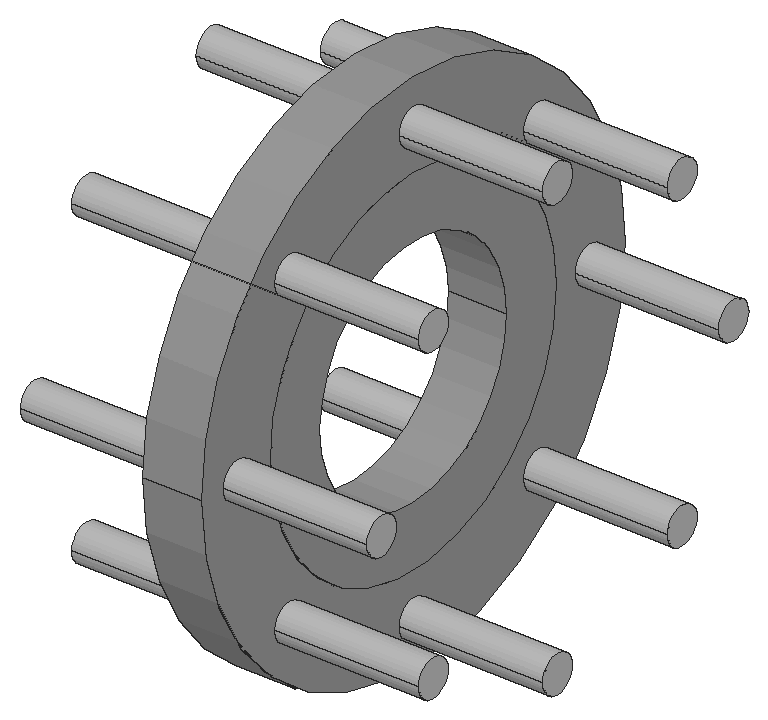
Revit family "BRIDASHD_RCIFM_Extrucol_0009", category Uniones de tubería, Revit 2020
Family settings
  Cota de conector redondo = Diámetro de uso
  Tipo de pieza = Brida
  Número OmniClass = 23.60.30.11.14
  Título OmniClass = Pipework Fittings
  Se basa en plano de trabajo = No
  Siempre vertical = Sí
  Corte con vacíos al cargar = No
  Compartido = No
Parameters (values of type "IJ-010P")
  URL = "https://www.parts.spearsmfg.com/ProductDetails.aspx?pid=286&prdID=25367"
  Tick Size [instance] = Nominal Diameter * 0.4  # 1.6"
  R [instance] = size_lookup(Lookup Table Name, "R", 0", Nominal Diameter)  # 1"
  Product data url = "https://www.bimobject.com/en-us/spearsmfg/product/spears-ij"
  Product Material = Polypropylene - Spears Manufacturing
  Product Guid = "91380ae2-f641-499b-b913-b2e2b34643e0"
  Part Number [instance] = size_lookup(Lookup Table Name, "", "Not Specidied", Nominal Diameter)  # "IJ-040-010P"
  Nominal Radius [instance] = Nominal Diameter / 2  # 2"
  Nominal Diameter [instance] = 4"
  NoB [instance] = size_lookup(Lookup Table Name, "NoB", 0", Nominal Diameter)  # 8"
  Modelo = "SCH80 PP Flange Insulating Joint Class150"
  Fabricante = "Spears Manufacturing"
  M1 [instance] = M - 2 * 1 59/128"  # 6 5/64"
  M [instance] = size_lookup(Lookup Table Name, "M", 0", Nominal Diameter)  # 9"
  Lookup Table Name = "SCH80 PP Flange Insulating Joint Class150"
  L [instance] = size_lookup(Lookup Table Name, "L", 0", Nominal Diameter)  # 5 1/2"
  Nota clave = "15000"
  Elevación por defecto = 0"
  Edition number = 1
  Descripción = "SPEARS® EverTUFF® Industrial Schedule 80 CPVC/PVC pipe and fitting designs combine years of proven experience with computer generated stress analysis to yield the optimum physical structure and performance for each fitting. Material reinforcement is uniformly placed in stress concentration areas for substantially improved pressure handling capability. Spears® EverTUFF® CPVC/PVC pipe, fittings and Spears® CPVC/PVC solvent cement are Certified lead-free by NSF®International (NSF®) in accordance with ANSI/NSF® 61 and NSF® 372 for compliance with all State & Federal Regulations. Approved by national, state and most municipal building codes and listed by ICC to ASTM E84 for Flame & Smoke Characteristics of less than 25/50 for use in return air plenums (See PMG Listing No. PMG-1278 at www.icc-es-pmg.org) Resulting products are subjected to numerous verification tests to assure the very best CPVC/PVC piping products available."
  C [instance] = size_lookup(Lookup Table Name, "C", 0", Nominal Diameter)  # 7 1/2"
  Bols Length = 5 57/64"
  BS [instance] = size_lookup(Lookup Table Name, "BS", 0", Nominal Diameter)  # 5/8"
  Código de montaje = "D2090800"
Reference planes (in)
  plane 1 "Center (Front/Back)": y = -1.19577
  plane 2: z = 0
  plane 3 "Center (Left/Right)": x = 0
  plane 4: z = 0
  plane 5: z = 0
  plane 6: x = 0.5
  plane 7: x = -0.5
  plane 8: y = 2.55423
  plane 9: y = -4.94577
  plane 10: x = -2.94531
  plane 11: x = 2.94531
  plane 12: y = 0.40423
  plane 13: y = -2.79577
Forms (in)
  Sweep 1, solid, material "Polypropylene - Spears Manufacturing" <- "Product Material", detail levels fine
    path origin (0, 0, 0) x (1, 0, 0) y (0, 1, 0)
      loop
        line (-0.5, -1.19577) -> (0.5, -1.19577)
    profile origin (0, -1.19577, 0) x (0, 1, 0) y (0, 0, 1)
      loop
        circle (0, 0) r 4.5
      loop
        circle (0, 0) r 3.03906
  Sweep 2, solid, material "Polypropylene - Spears Manufacturing" <- "Product Material", detail levels fine
    path origin (0, 0, 0) x (1, 0, 0) y (0, 1, 0)
      loop
        line (-0.5, -1.19577) -> (0.5, -1.19577)
    profile origin (0, -1.19577, 0) x (0, 1, 0) y (0, 0, 1)
      loop
        circle (0, 0) r 2
      loop
        circle (0, 0) r 3.03906
Lines and regions (in)
  model lines, detail levels coarse+medium
    curve 1: line (-0.5, -1.19577, 0) -> (0.5, -1.19577, 0)
    curve 2: line (-0.5, 0.40423, 0) -> (-0.5, -2.79577, 0)
    curve 3: line (0.5, 0.40423, 0) -> (0.5, -2.79577, 0)
Dimensions and locks (in)
  equal spacing: plane 7, plane 3 "Center (Left/Right)", plane 6
  "R": plane 7 to plane 6
  equal spacing: plane 8, plane 1 "Center (Front/Back)", plane 9
  "C": plane 8 to plane 9
  "Bols Length": plane 10 to plane 11
  equal spacing: plane 10, plane 3 "Center (Left/Right)", plane 11
  "Tick Size": plane 12 to plane 1 "Center (Front/Back)"
  "Tick Size": plane 1 "Center (Front/Back)" to plane 13
  "M": diameter of Sweep 1 sketch curve
  "M1": diameter of Sweep 1 sketch curve
  "M1": diameter of Sweep 2 sketch curve
  "Nominal Diameter": diameter of Sweep 2 sketch curve
  aligned and locked: level to plane 2
  aligned and locked: plane 1 "Center (Front/Back)" to Sweep 1 sketch curve
  aligned and locked: plane 7 to Sweep 1 sketch curve
  aligned and locked: plane 6 to Sweep 1 sketch curve
  aligned and locked: plane 1 "Center (Front/Back)" to curve 1
  aligned and locked: plane 7 to curve 1
  aligned and locked: plane 6 to curve 1
  aligned and locked: curve 2 to plane 7
  aligned and locked: plane 12 to curve 2
  aligned and locked: plane 13 to curve 2
  aligned and locked: plane 12 to curve 3
  aligned and locked: curve 3 to plane 6
  aligned and locked: plane 13 to curve 3
  aligned and locked: plane 1 "Center (Front/Back)" to Sweep 2 sketch curve
  aligned and locked: plane 6 to Sweep 2 sketch curve
  aligned and locked: plane 7 to Sweep 2 sketch curve
Automatic sketch dimensions
  Sweep 1 sketch curve to Sweep 1 sketch curve = 0"  (x2)
  Sweep 1 sketch curve to level = 0"
  Sweep 1 sketch curve to profile plane = 0"
  Sweep 2 sketch curve to Sweep 2 sketch curve = 0"  (x2)
  Sweep 2 sketch curve to level = 0"
  Sweep 2 sketch curve to profile plane = 0"
Nested families (in)
  nested 1: "Family1" at (-2.94531, -1.19577, 0) x (0, -1, 0) z (1, 0, 0), type "Family1", detail levels fine
    with BS 5/8"
Connectors (in)
  piping at (0.5, -1.19577, 0), diameter 4, driven by "Nominal Diameter"
    settings: on Sweep 1, index 1, connector inside diameter 24", connector length 0", flow factor 0, pipe flow 0.0 L/s, pressure drop 0.0 Pa, fitting loss kfactor 0, connector angle 0.00°, fixture units 0, engagement length 0", angle of deflection 0.00°, flow configuration 0, flow direction 0, fitting loss method 0, system type 28, joint type 0, gender type 0, connector reference index 2, connector utility 0, adjustable connector no, is connector primary no, connector description ""
  piping at (-0.5, -1.19577, 0), diameter 4, driven by "Nominal Diameter"
    settings: on Sweep 1, index 2, connector inside diameter 24", connector length 0", flow factor 0, pipe flow 0.0 L/s, pressure drop 0.0 Pa, fitting loss kfactor 0, connector angle 0.00°, fixture units 0, engagement length 0", angle of deflection 0.00°, flow configuration 0, flow direction 0, fitting loss method 0, system type 28, joint type 0, gender type 0, connector reference index 1, connector utility 0, adjustable connector no, is connector primary yes, connector description ""
Definition of nested family "Family1"
  Parameters (values of type "Family1")
    dim = no
    Type 8 = Nominal Diameter = 8"  # no
    Type 6 = Nominal Diameter = 6"  # no
    Type 4 = Nominal Diameter = 4"  # yes
    Type 3 = Nominal Diameter = 3"  # no
    Type 24 = Nominal Diameter = 24"  # no
    Type 20 = Nominal Diameter = 20"  # no
    Type 18 = Nominal Diameter = 18"  # no
    Type 16 = Nominal Diameter = 16"  # no
    Type 14 = Nominal Diameter = 14"  # no
    Type 12 = Nominal Diameter = 12"  # no
    Type 10 = Nominal Diameter = 10"  # no
    Product Material = none
    Nominal Diameter = 4"
    Default Elevation = 48"
    BS = 3/4"
  Reference planes (in)
    plane 1 "Center (Front/Back)": y = 0
    plane 2: z = 0
    plane 3 "Center (Left/Right)": x = 0
    plane 4: z = 5.90625
  Forms (in)
    Extrusion 1, solid, material <- "Product Material", visible <- "Type 3"
      sketch origin (0, 0, 0) x (1, 0, 0) y (0, 1, 0)
        loop
          circle (0, 2.99965) r 0.375
        loop
          circle (-2.99965, 0) r 0.375
        loop
          circle (2.99965, 0) r 0.375
        loop
          circle (0, -2.99965) r 0.375
      from 0 to 5.90625
    Extrusion 2, solid, material <- "Product Material", visible <- "Type 4"
      sketch origin (0, 0, 0) x (1, 0, 0) y (0, 1, 0)
        loop
          circle (0.00098, 3.75067) r 0.375
        loop
          circle (0.00098, -3.75067) r 0.375
        loop
          circle (3.74941, 0) r 0.375
        loop
          circle (-3.74941, 0) r 0.375
        loop
          circle (-2.65121, 2.65026) r 0.375
        loop
          circle (2.65121, 2.65026) r 0.375
        loop
          circle (-2.65121, -2.65026) r 0.375
        loop
          circle (2.65121, -2.65026) r 0.375
      from 0 to 5.90625
    Extrusion 3, solid, material <- "Product Material", visible <- "Type 6"
      sketch origin (0, 0, 0) x (1, 0, 0) y (0, 1, 0)
        loop
          circle (0, 4.74923) r 0.31211
        loop
          circle (3.35968, 3.35791) r 0.31211
        loop
          circle (4.74886, 0) r 0.31211
        loop
          circle (3.35631, -3.35667) r 0.31211
        loop
          circle (0, -4.74847) r 0.31211
        loop
          circle (-3.35968, 3.35791) r 0.31211
        loop
          circle (-4.74886, 0) r 0.31211
        loop
          circle (-3.35631, -3.35667) r 0.31211
      from 0 to 5.90625
    Extrusion 4, solid, material <- "Product Material", visible <- "Type 8"
      sketch origin (0, 0, 0) x (1, 0, 0) y (0, 1, 0)
        loop
          circle (0, 5.87626) r 0.31128
        loop
          circle (4.15454, 4.15267) r 0.31128
        loop
          circle (5.87435, 0) r 0.31128
        loop
          circle (4.1541, -4.1561) r 0.31128
        loop
          circle (0, -5.87536) r 0.31128
        loop
          circle (-4.15454, 4.15267) r 0.31128
        loop
          circle (-5.87435, 0) r 0.31128
        loop
          circle (-4.1541, -4.1561) r 0.31128
      from 0 to 5.90625
    Extrusion 5, solid, material <- "Product Material", visible <- "Type 10"
      sketch origin (0, 0, 0) x (1, 0, 0) y (0, 1, 0)
        loop
          circle (0, 7.12419) r 0.375
        loop
          circle (3.56127, 6.17128) r 0.375
        loop
          circle (6.1727, 3.55985) r 0.375
        loop
          circle (7.12656, 0) r 0.375
        loop
          circle (6.16975, -3.56487) r 0.375
        loop
          circle (3.56223, -6.17043) r 0.375
        loop
          circle (-3.56127, 6.17128) r 0.375
        loop
          circle (-6.1727, 3.55985) r 0.375
        loop
          circle (-7.12656, 0) r 0.375
        loop
          circle (-6.16975, -3.56487) r 0.375
        loop
          circle (-3.56223, -6.17043) r 0.375
        loop
          circle (0, -7.12419) r 0.375
      from 0 to 5.90625
    Extrusion 6, solid, material <- "Product Material", visible <- "Type 12"
      sketch origin (0, -0.17714, 0) x (1, 0, 0) y (0, 1, 0)
        loop
          circle (0, 8.67738) r 0.375
        loop
          circle (4.25038, 7.53849) r 0.375
        loop
          circle (7.36037, 4.4246) r 0.375
        loop
          circle (8.49638, 0.17714) r 0.375
        loop
          circle (7.35826, -4.07038) r 0.375
        loop
          circle (4.24573, -7.18291) r 0.375
        loop
          circle (-4.25038, 7.53849) r 0.375
        loop
          circle (-7.36037, 4.4246) r 0.375
        loop
          circle (-8.49638, 0.17714) r 0.375
        loop
          circle (-7.35826, -4.07038) r 0.375
        loop
          circle (-4.24573, -7.18291) r 0.375
        loop
          circle (0, -8.318) r 0.375
      from 0 to 5.90625
    Extrusion 7, solid, material <- "Product Material", visible <- "Type 14"
      sketch origin (0, 0, 0) x (1, 0, 0) y (0, 1, 0)
        loop
          circle (0, 9.37675) r 0.375
        loop
          circle (0, -9.37675) r 0.375
        loop
          circle (4.6825, 8.11845) r 0.375
        loop
          circle (8.11775, 4.69101) r 0.375
        loop
          circle (9.3747, 0) r 0.375
        loop
          circle (8.12067, -4.68576) r 0.375
        loop
          circle (4.6871, -8.11933) r 0.375
        loop
          circle (-4.6825, 8.11845) r 0.375
        loop
          circle (-8.11775, 4.69101) r 0.375
        loop
          circle (-9.3747, 0) r 0.375
        loop
          circle (-8.12067, -4.68576) r 0.375
        loop
          circle (-4.6871, -8.11933) r 0.375
      from 0 to 5.90625
    Extrusion 8, solid, material <- "Product Material", visible <- "Type 16"
      sketch origin (0, 0, 0) x (1, 0, 0) y (0, 1, 0)
        loop
          circle (0, 10.625) r 0.375
        loop
          circle (4.06501, 9.81656) r 0.375
        loop
          circle (7.51051, 7.51719) r 0.375
        loop
          circle (9.8149, 4.06577) r 0.375
        loop
          circle (10.62679, 0) r 0.375
        loop
          circle (9.81673, -4.06424) r 0.375
        loop
          circle (7.51397, -7.51268) r 0.375
        loop
          circle (4.06886, -9.81411) r 0.375
        loop
          circle (0, -10.62064) r 0.375
        loop
          circle (-4.06501, 9.81656) r 0.375
        loop
          circle (-7.51051, 7.51719) r 0.375
        loop
          circle (-9.8149, 4.06577) r 0.375
        loop
          circle (-10.62679, 0) r 0.375
        loop
          circle (-9.81673, -4.06424) r 0.375
        loop
          circle (-7.51397, -7.51268) r 0.375
        loop
          circle (-4.06886, -9.81411) r 0.375
      from 0 to 5.90625
    Extrusion 9, solid, material <- "Product Material", visible <- "Type 18"
      sketch origin (0, 0, 0) x (1, 0, 0) y (0, 1, 0)
        loop
          circle (0, 11.39093) r 0.375
        loop
          circle (4.32657, 10.5293) r 0.375
        loop
          circle (8.01241, 8.06934) r 0.375
        loop
          circle (10.47714, 4.37571) r 0.375
        loop
          circle (11.34897, 0.02344) r 0.375
        loop
          circle (10.48269, -4.32939) r 0.375
        loop
          circle (8.01672, -8.01603) r 0.375
        loop
          circle (4.3233, -10.49165) r 0.375
        loop
          circle (0, -11.39093) r 0.375
        loop
          circle (-4.32657, 10.5293) r 0.375
        loop
          circle (-8.01241, 8.06934) r 0.375
        loop
          circle (-10.47714, 4.37571) r 0.375
        loop
          circle (-11.34897, 0.02344) r 0.375
        loop
          circle (-10.48269, -4.32939) r 0.375
        loop
          circle (-8.01672, -8.01603) r 0.375
        loop
          circle (-4.3233, -10.49165) r 0.375
      from 0 to 5.90625
    Extrusion 10, solid, material <- "Product Material", visible <- "Type 20"
      sketch origin (0, 0, 0) x (1, 0, 0) y (0, 1, 0)
        loop
          circle (0, 12.49704) r 0.43993
        loop
          circle (3.86665, 11.88339) r 0.43993
        loop
          circle (7.34902, 10.10903) r 0.43993
        loop
          circle (10.10737, 7.35069) r 0.43993
        loop
          circle (11.88648, 3.86275) r 0.43993
        loop
          circle (12.49827, 0) r 0.43993
        loop
          circle (11.88603, -3.86553) r 0.43993
        loop
          circle (10.10843, -7.34676) r 0.43993
        loop
          circle (7.34598, -10.10921) r 0.43993
        loop
          circle (3.85985, -11.8933) r 0.43993
        loop
          circle (0, -12.50464) r 0.43993
        loop
          circle (-3.86433, -11.89357) r 0.43993
        loop
          circle (-7.34694, -10.1176) r 0.43993
        loop
          circle (-10.11603, -7.34851) r 0.43993
        loop
          circle (-11.88761, -3.86407) r 0.43993
        loop
          circle (-12.49961, 0) r 0.43993
        loop
          circle (-11.88934, 3.86093) r 0.43993
        loop
          circle (-3.86665, 11.88339) r 0.43993
        loop
          circle (-7.34902, 10.10903) r 0.43993
        loop
          circle (-10.10737, 7.35069) r 0.43993
      from 0 to 5.90625
    Extrusion 11, solid, material <- "Product Material", visible <- "Type 24"
      sketch origin (0, 0, 0) x (1, 0, 0) y (0, 1, 0)
        loop
          circle (0, 14.75387) r 0.375
        loop
          circle (4.55121, 14.01872) r 0.375
        loop
          circle (8.6714, 11.92734) r 0.375
        loop
          circle (11.93259, 8.66615) r 0.375
        loop
          circle (14.03119, 4.55522) r 0.375
        loop
          circle (14.75266, 0) r 0.375
        loop
          circle (14.02829, -4.55792) r 0.375
        loop
          circle (11.93556, -8.67295) r 0.375
        loop
          circle (8.66712, -11.93357) r 0.375
        loop
          circle (4.55267, -14.02999) r 0.375
        loop
          circle (0, -14.75106) r 0.375
        loop
          circle (-4.55121, 14.01872) r 0.375
        loop
          circle (-8.6714, 11.92734) r 0.375
        loop
          circle (-11.93259, 8.66615) r 0.375
        loop
          circle (-14.03119, 4.55522) r 0.375
        loop
          circle (-14.75266, 0) r 0.375
        loop
          circle (-14.02829, -4.55792) r 0.375
        loop
          circle (-11.93556, -8.67295) r 0.375
        loop
          circle (-8.66712, -11.93357) r 0.375
        loop
          circle (-4.55267, -14.02999) r 0.375
      from 0 to 5.90625
  Dimensions and locks (in)
    locked: plane 4 to plane 2 at 5.90625
    "BS": diameter of Extrusion 1 sketch curve  (x4)
    "BS": diameter of Extrusion 2 sketch curve  (x8)
    diameter of Extrusion 3 sketch curve = 0.62422"  (x8)
    diameter of Extrusion 4 sketch curve = 0.62256"  (x8)
    "BS": diameter of Extrusion 5 sketch curve  (x12)
    "BS": diameter of Extrusion 6 sketch curve  (x12)
    "BS": diameter of Extrusion 7 sketch curve  (x12)
    "BS": diameter of Extrusion 8 sketch curve  (x16)
    "BS": diameter of Extrusion 9 sketch curve  (x16)
    diameter of Extrusion 10 sketch curve = 0.87985"  (x20)
    "BS": diameter of Extrusion 11 sketch curve  (x20)
    aligned and locked: level to plane 2
    aligned and locked: plane 4 to Extrusion 1
    aligned and locked: plane 4 to Extrusion 2
  Automatic sketch dimensions
    plane 1 "Center (Front/Back)" to Extrusion 3 sketch curve = 0"  (x2)
    Extrusion 3 sketch curve to plane 3 "Center (Left/Right)" = 0"  (x2)
    Extrusion 3 sketch curve to plane 3 "Center (Left/Right)" = 3.35631"
    Extrusion 3 sketch curve to plane 3 "Center (Left/Right)" = 3.35968"
    Extrusion 3 sketch curve to Extrusion 3 sketch curve = 1.38918"  (x2)
    plane 3 "Center (Left/Right)" to Extrusion 3 sketch curve = 3.35631"
    plane 3 "Center (Left/Right)" to Extrusion 3 sketch curve = 3.35968"
    plane 1 "Center (Front/Back)" to Extrusion 3 sketch curve = 3.35667"  (x2)
    Extrusion 3 sketch curve to Extrusion 3 sketch curve = 1.39179"
    Extrusion 3 sketch curve to plane 1 "Center (Front/Back)" = 3.35791"  (x2)
    Extrusion 3 sketch curve to Extrusion 3 sketch curve = 1.39132"
    plane 1 "Center (Front/Back)" to Extrusion 4 sketch curve = 0"  (x2)
    Extrusion 4 sketch curve to plane 3 "Center (Left/Right)" = 0"  (x2)
    Extrusion 4 sketch curve to plane 3 "Center (Left/Right)" = 4.1541"
    Extrusion 4 sketch curve to plane 3 "Center (Left/Right)" = 4.15454"
    Extrusion 4 sketch curve to Extrusion 4 sketch curve = 1.71981"  (x2)
    plane 3 "Center (Left/Right)" to Extrusion 4 sketch curve = 4.1541"
    plane 3 "Center (Left/Right)" to Extrusion 4 sketch curve = 4.15454"
    plane 1 "Center (Front/Back)" to Extrusion 4 sketch curve = 4.1561"  (x2)
    Extrusion 4 sketch curve to Extrusion 4 sketch curve = 1.71926"
    Extrusion 4 sketch curve to plane 1 "Center (Front/Back)" = 4.15267"  (x2)
    Extrusion 4 sketch curve to Extrusion 4 sketch curve = 1.72359"
    plane 1 "Center (Front/Back)" to Extrusion 10 sketch curve = 0"  (x2)
    Extrusion 10 sketch curve to plane 3 "Center (Left/Right)" = 0"  (x2)
    Extrusion 10 sketch curve to Extrusion 10 sketch curve = 3.48261"
    Extrusion 10 sketch curve to Extrusion 10 sketch curve = 3.48237"  (x2)
    Extrusion 10 sketch curve to Extrusion 10 sketch curve = 2.75835"  (x4)
    Extrusion 10 sketch curve to Extrusion 10 sketch curve = 2.76909"  (x2)
    Extrusion 10 sketch curve to Extrusion 10 sketch curve = 1.77158"
    Extrusion 10 sketch curve to Extrusion 10 sketch curve = 1.78197"
    Extrusion 10 sketch curve to Extrusion 10 sketch curve = 0.61027"
    Extrusion 10 sketch curve to Extrusion 10 sketch curve = 3.48613"
    Extrusion 10 sketch curve to Extrusion 10 sketch curve = 2.76245"  (x2)
    Extrusion 10 sketch curve to Extrusion 10 sketch curve = 1.77761"
    Extrusion 10 sketch curve to Extrusion 10 sketch curve = 1.77911"
    Extrusion 10 sketch curve to Extrusion 10 sketch curve = 0.6118"
    Extrusion 10 sketch curve to Extrusion 10 sketch curve = 3.48123"
    Extrusion 10 sketch curve to Extrusion 10 sketch curve = 3.48444"
    Extrusion 10 sketch curve to Extrusion 10 sketch curve = 1.78408"
    Extrusion 10 sketch curve to Extrusion 10 sketch curve = 1.77598"
    Extrusion 10 sketch curve to Extrusion 10 sketch curve = 0.61134"
    Extrusion 10 sketch curve to Extrusion 10 sketch curve = 3.48794"
    Extrusion 10 sketch curve to Extrusion 10 sketch curve = 3.48975"
    Extrusion 10 sketch curve to Extrusion 10 sketch curve = 1.77436"  (x2)
    Extrusion 10 sketch curve to Extrusion 10 sketch curve = 0.61365"
    Extrusion 10 sketch curve to plane 1 "Center (Front/Back)" = 3.86093"
    Extrusion 10 sketch curve to plane 1 "Center (Front/Back)" = 3.86275"
    Extrusion 10 sketch curve to plane 3 "Center (Left/Right)" = 3.86433"
    Extrusion 10 sketch curve to plane 3 "Center (Left/Right)" = 3.86665"
    plane 3 "Center (Left/Right)" to Extrusion 10 sketch curve = 3.85985"
    plane 3 "Center (Left/Right)" to Extrusion 10 sketch curve = 3.86665"
    plane 1 "Center (Front/Back)" to Extrusion 10 sketch curve = 3.86407"
    plane 1 "Center (Front/Back)" to Extrusion 10 sketch curve = 3.86553"
    plane 1 "Center (Front/Back)" to Extrusion 1 sketch curve = 0"  (x2)
    Extrusion 1 sketch curve to plane 3 "Center (Left/Right)" = 0"  (x2)
    Extrusion 1 sketch curve to plane 3 "Center (Left/Right)" = 2.99965"
    plane 3 "Center (Left/Right)" to Extrusion 1 sketch curve = 2.99965"
    plane 1 "Center (Front/Back)" to Extrusion 1 sketch curve = 2.99965"
    Extrusion 1 sketch curve to plane 1 "Center (Front/Back)" = 2.99965"
    plane 1 "Center (Front/Back)" to Extrusion 2 sketch curve = 0"  (x2)
    Extrusion 2 sketch curve to plane 3 "Center (Left/Right)" = 3.74941"
    Extrusion 2 sketch curve to plane 3 "Center (Left/Right)" = 2.65121"  (x2)
    plane 3 "Center (Left/Right)" to Extrusion 2 sketch curve = 0.00098"  (x2)
    plane 3 "Center (Left/Right)" to Extrusion 2 sketch curve = 2.65121"  (x2)
    Extrusion 2 sketch curve to Extrusion 2 sketch curve = 1.0982"
    plane 1 "Center (Front/Back)" to Extrusion 2 sketch curve = 2.65026"  (x2)
    Extrusion 2 sketch curve to Extrusion 2 sketch curve = 1.1004"  (x2)
    Extrusion 2 sketch curve to plane 1 "Center (Front/Back)" = 2.65026"  (x2)
    plane 1 "Center (Front/Back)" to Extrusion 5 sketch curve = 0"  (x2)
    Extrusion 5 sketch curve to plane 3 "Center (Left/Right)" = 0"  (x2)
    Extrusion 5 sketch curve to plane 3 "Center (Left/Right)" = 3.56127"
    Extrusion 5 sketch curve to plane 3 "Center (Left/Right)" = 3.56223"
    Extrusion 5 sketch curve to Extrusion 5 sketch curve = 2.60752"  (x2)
    Extrusion 5 sketch curve to Extrusion 5 sketch curve = 2.61143"  (x4)
    Extrusion 5 sketch curve to Extrusion 5 sketch curve = 0.95386"  (x2)
    plane 3 "Center (Left/Right)" to Extrusion 5 sketch curve = 3.56127"
    plane 3 "Center (Left/Right)" to Extrusion 5 sketch curve = 3.56223"
    plane 1 "Center (Front/Back)" to Extrusion 5 sketch curve = 3.56487"  (x2)
    Extrusion 5 sketch curve to Extrusion 5 sketch curve = 2.60556"  (x2)
    Extrusion 5 sketch curve to Extrusion 5 sketch curve = 0.95375"
    Extrusion 5 sketch curve to plane 1 "Center (Front/Back)" = 3.55985"  (x2)
    Extrusion 5 sketch curve to Extrusion 5 sketch curve = 0.95291"
    plane 1 "Center (Front/Back)" to Extrusion 6 sketch curve = 0"  (x2)
    Extrusion 6 sketch curve to plane 3 "Center (Left/Right)" = 0"  (x2)
    Extrusion 6 sketch curve to plane 3 "Center (Left/Right)" = 4.24573"
    Extrusion 6 sketch curve to plane 3 "Center (Left/Right)" = 4.25038"
    Extrusion 6 sketch curve to Extrusion 6 sketch curve = 3.11253"  (x4)
    Extrusion 6 sketch curve to Extrusion 6 sketch curve = 3.10999"  (x2)
    Extrusion 6 sketch curve to Extrusion 6 sketch curve = 1.13601"  (x2)
    plane 3 "Center (Left/Right)" to Extrusion 6 sketch curve = 4.24573"
    plane 3 "Center (Left/Right)" to Extrusion 6 sketch curve = 4.25038"
    plane 1 "Center (Front/Back)" to Extrusion 6 sketch curve = 4.24752"  (x2)
    Extrusion 6 sketch curve to Extrusion 6 sketch curve = 1.13509"
    Extrusion 6 sketch curve to plane 1 "Center (Front/Back)" = 4.24746"  (x2)
    Extrusion 6 sketch curve to Extrusion 6 sketch curve = 3.11389"  (x2)
    Extrusion 6 sketch curve to Extrusion 6 sketch curve = 1.13889"
    plane 1 "Center (Front/Back)" to Extrusion 7 sketch curve = 0"  (x2)
    Extrusion 7 sketch curve to plane 3 "Center (Left/Right)" = 0"  (x2)
    Extrusion 7 sketch curve to plane 3 "Center (Left/Right)" = 4.6825"
    Extrusion 7 sketch curve to plane 3 "Center (Left/Right)" = 4.6871"
    Extrusion 7 sketch curve to Extrusion 7 sketch curve = 3.43525"  (x2)
    Extrusion 7 sketch curve to Extrusion 7 sketch curve = 3.43357"  (x4)
    Extrusion 7 sketch curve to Extrusion 7 sketch curve = 1.25403"  (x2)
    plane 3 "Center (Left/Right)" to Extrusion 7 sketch curve = 4.6825"
    plane 3 "Center (Left/Right)" to Extrusion 7 sketch curve = 4.6871"
    plane 1 "Center (Front/Back)" to Extrusion 7 sketch curve = 4.68576"  (x2)
    Extrusion 7 sketch curve to Extrusion 7 sketch curve = 1.25742"
    Extrusion 7 sketch curve to plane 1 "Center (Front/Back)" = 4.69101"  (x2)
    Extrusion 7 sketch curve to Extrusion 7 sketch curve = 3.42744"  (x2)
    Extrusion 7 sketch curve to Extrusion 7 sketch curve = 1.2583"
    plane 1 "Center (Front/Back)" to Extrusion 8 sketch curve = 0"  (x2)
    Extrusion 8 sketch curve to plane 3 "Center (Left/Right)" = 0"  (x2)
    Extrusion 8 sketch curve to plane 3 "Center (Left/Right)" = 4.06501"
    Extrusion 8 sketch curve to plane 3 "Center (Left/Right)" = 4.06886"
    Extrusion 8 sketch curve to Extrusion 8 sketch curve = 3.4455"  (x2)
    Extrusion 8 sketch curve to Extrusion 8 sketch curve = 3.44512"  (x2)
    Extrusion 8 sketch curve to Extrusion 8 sketch curve = 2.30439"  (x2)
    Extrusion 8 sketch curve to Extrusion 8 sketch curve = 2.30276"  (x2)
    Extrusion 8 sketch curve to Extrusion 8 sketch curve = 0.81006"  (x2)
    plane 3 "Center (Left/Right)" to Extrusion 8 sketch curve = 4.06501"
    plane 3 "Center (Left/Right)" to Extrusion 8 sketch curve = 4.06886"
    plane 1 "Center (Front/Back)" to Extrusion 8 sketch curve = 4.06424"  (x2)
    Extrusion 8 sketch curve to Extrusion 8 sketch curve = 3.44844"  (x2)
    Extrusion 8 sketch curve to Extrusion 8 sketch curve = 2.30144"  (x2)
    Extrusion 8 sketch curve to Extrusion 8 sketch curve = 0.80653"
    Extrusion 8 sketch curve to plane 1 "Center (Front/Back)" = 4.06577"  (x2)
    Extrusion 8 sketch curve to Extrusion 8 sketch curve = 3.45142"  (x2)
    Extrusion 8 sketch curve to Extrusion 8 sketch curve = 2.29937"  (x2)
    Extrusion 8 sketch curve to Extrusion 8 sketch curve = 0.80844"
    Extrusion 9 sketch curve to plane 3 "Center (Left/Right)" = 0"  (x2)
    Extrusion 9 sketch curve to plane 3 "Center (Left/Right)" = 4.3233"
    Extrusion 9 sketch curve to plane 3 "Center (Left/Right)" = 4.32657"
    Extrusion 9 sketch curve to Extrusion 9 sketch curve = 3.68584"  (x2)
    Extrusion 9 sketch curve to Extrusion 9 sketch curve = 3.69342"  (x2)
    Extrusion 9 sketch curve to Extrusion 9 sketch curve = 2.46472"  (x2)
    Extrusion 9 sketch curve to Extrusion 9 sketch curve = 2.46596"  (x2)
    Extrusion 9 sketch curve to plane 1 "Center (Front/Back)" = 3/128"  (x2)
    Extrusion 9 sketch curve to Extrusion 9 sketch curve = 0.86628"  (x2)
    plane 3 "Center (Left/Right)" to Extrusion 9 sketch curve = 4.3233"
    plane 3 "Center (Left/Right)" to Extrusion 9 sketch curve = 4.32657"
    plane 1 "Center (Front/Back)" to Extrusion 9 sketch curve = 4.32939"  (x2)
    Extrusion 9 sketch curve to Extrusion 9 sketch curve = 3.68664"  (x2)
    Extrusion 9 sketch curve to Extrusion 9 sketch curve = 2.47562"  (x2)
    Extrusion 9 sketch curve to Extrusion 9 sketch curve = 0.89928"
    Extrusion 9 sketch curve to plane 1 "Center (Front/Back)" = 4.37571"  (x2)
    Extrusion 9 sketch curve to Extrusion 9 sketch curve = 3.69363"  (x2)
    Extrusion 9 sketch curve to Extrusion 9 sketch curve = 2.45996"  (x2)
    Extrusion 9 sketch curve to Extrusion 9 sketch curve = 0.86163"
    plane 1 "Center (Front/Back)" to Extrusion 11 sketch curve = 0"  (x2)
    Extrusion 11 sketch curve to plane 3 "Center (Left/Right)" = 0"  (x2)
    Extrusion 11 sketch curve to plane 3 "Center (Left/Right)" = 4.55121"
    Extrusion 11 sketch curve to plane 3 "Center (Left/Right)" = 4.55267"
    Extrusion 11 sketch curve to Extrusion 11 sketch curve = 4.11445"  (x2)
    Extrusion 11 sketch curve to Extrusion 11 sketch curve = 4.12019"  (x2)
    Extrusion 11 sketch curve to Extrusion 11 sketch curve = 3.26119"  (x4)
    Extrusion 11 sketch curve to Extrusion 11 sketch curve = 3.26844"  (x2)
    Extrusion 11 sketch curve to Extrusion 11 sketch curve = 2.09273"  (x2)
    Extrusion 11 sketch curve to Extrusion 11 sketch curve = 2.0986"  (x2)
    Extrusion 11 sketch curve to Extrusion 11 sketch curve = 0.72148"  (x2)
    plane 3 "Center (Left/Right)" to Extrusion 11 sketch curve = 4.55121"
    plane 3 "Center (Left/Right)" to Extrusion 11 sketch curve = 4.55267"
    plane 1 "Center (Front/Back)" to Extrusion 11 sketch curve = 4.55792"  (x2)
    Extrusion 11 sketch curve to Extrusion 11 sketch curve = 4.11503"  (x2)
    Extrusion 11 sketch curve to Extrusion 11 sketch curve = 3.26062"  (x2)
    Extrusion 11 sketch curve to Extrusion 11 sketch curve = 2.09642"  (x2)
    Extrusion 11 sketch curve to Extrusion 11 sketch curve = 0.72107"
    Extrusion 11 sketch curve to plane 1 "Center (Front/Back)" = 4.55522"  (x2)
    Extrusion 11 sketch curve to Extrusion 11 sketch curve = 4.11092"  (x2)
    Extrusion 11 sketch curve to Extrusion 11 sketch curve = 2.09138"  (x2)
    Extrusion 11 sketch curve to Extrusion 11 sketch curve = 0.73516"
